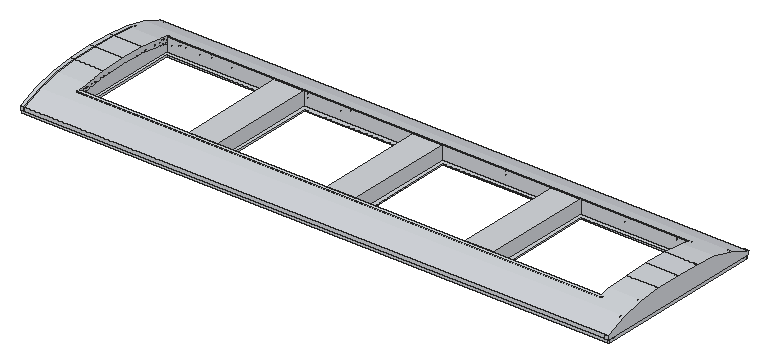
Revit family "Gira_0214738", category Electrical Fixtures, host Face, Revit 2017
Family settings
  Host = Face
  Maintain Annotation Orientation = No
  Round Connector Dimension = Use Diameter
  Part Type = Normal
  Cut with Voids When Loaded = No
  Shared = No
  Room Calculation Point = No
Parameters (values of type "Cov.fr. 4-g interm.fr. AN Gira Event Clear black")
  URL = "http://katalog.gira.de/en/datenblatt.html?artikelnr=0214738"
  Transparent = "No"
  Name = "Cov.fr. 4-g interm.fr. AN Gira Event Clear black"
  Manufacturer URL = "https://www.gira.de/"
  Manufacturer = "Gira"
  Label space/information surface = "No"
  Keynote = ""
  HeinzeBIM = "https://bimportal.heinze.de/bim/cov-fr-4-g-interm-fr-an-gira-event-clear-black/66736d06549e1a638510be78d8e0a557247189fb"
  HAN = "0214738"
  GTIN = "4010337068938"
  Description = "Cov.fr.4g i.fr.AN EvCl BK,Gira Event Clear cover frame,black with anthracite intermediate frame,4-gang,Features:,- Shatter-proof."
  Default Elevation = 1219.2 mm
  Data sheet (1) = "https://katalog.gira.de/en/download.html?artikelnr=0214738"
  Category = "Cover frame for domestic switching devices"
  BIM (1) = "https://media.stage.bim.site/public/gira/36a6b08/Event_Rahmen_4fach.rfa"
  Available = "No"
Reference planes
  plane 1 "Center (Front/Back)": y = 0
  plane 2: z = 0
  plane 3 "Center (Left/Right)": x = 0
Forms (mm)
  Extrusion 1, solid, detail levels fine
    sketch origin (0, 0, 0.05) x (0, 1, 0) y (0, 0, 1)
      loop
        arc (12.445, 9.683) -> (6.223, 9.833) -> (0, 9.85) r 291.636
        arc (0, 9.85) -> (-6.223, 9.833) -> (-12.445, 9.683) r 291.636
        arc (-12.445, 9.683) -> (-29.14, 7.482) -> (-45, 1.823) r 79.728
        line (-45, 1.823) -> (-45, -0.05) -> (-42.086, -0.05)
        arc (-42.086, -0.05) -> (-21.385, 5.559) -> (0, 7.206) r 114.424
        arc (0, 7.206) -> (21.385, 5.559) -> (42.086, -0.05) r 114.424
        line (42.086, -0.05) -> (45, -0.05) -> (45, 1.823)
        arc (45, 1.823) -> (29.14, 7.482) -> (12.445, 9.683) r 79.728
    from -151.95 to 151.935
  Extrusion 2, void, detail levels fine
    sketch origin (0, 0, 0) x (1, 0, 0) y (0, 1, 0)
      loop
        line (134.95, 28.035) -> (-134.95, 28.035) -> (-134.95, -28.035) -> (134.95, -28.035) -> (134.95, 28.035)
    from 0.724 to 11
  Extrusion 3, solid, detail levels coarse
    sketch origin (0, 0, 0) x (1, 0, 0) y (0, 1, 0)
      loop
        line (-151.95, 45) -> (-151.95, -45) -> (151.935, -45) -> (151.935, 45) -> (-151.95, 45)
    from -1.5 to 9.9
  Extrusion 4, solid, detail levels medium
    sketch origin (0, 0, 0.05) x (0, 1, 0) y (0, 0, 1)
      loop
        arc (12.445, 9.683) -> (6.223, 9.833) -> (0, 9.85) r 291.636
        arc (0, 9.85) -> (-6.223, 9.833) -> (-12.445, 9.683) r 291.636
        arc (-12.445, 9.683) -> (-29.14, 7.482) -> (-45, 1.823) r 79.728
        line (-45, 1.823) -> (-45, -0.05) -> (45, -0.05) -> (45, 1.823)
        arc (45, 1.823) -> (29.14, 7.482) -> (12.445, 9.683) r 79.728
    from -151.95 to 151.935
  Extrusion 5, solid, detail levels fine
    sketch origin (-106.95, 0, -1.5) x (0, 1, 0) y (0, 0, -1)
      loop
        line (45, -3.373) -> (45, -1.5) -> (-45, -1.5) -> (-45, -3.373)
        arc (-45, -3.373) -> (-29.14, -9.032) -> (-12.445, -11.233) r 79.728
        arc (-12.445, -11.233) -> (-6.223, -11.383) -> (0, -11.4) r 291.636
        arc (0, -11.4) -> (6.223, -11.383) -> (12.445, -11.233) r 291.636
        arc (12.445, -11.233) -> (29.14, -9.032) -> (45, -3.373) r 79.728
    from 43 to 45
  Extrusion 6, solid, detail levels fine
    sketch origin (0, 0, 0) x (1, 0, 0) y (0, 1, 0)
      loop
        line (-132.85, 25.7) -> (-132.85, -25.7) -> (-81.05, -25.7) -> (-81.05, 25.7) -> (-132.85, 25.7)
      loop
        line (-9.755, -25.7) -> (-9.755, 25.7) -> (-61.555, 25.7) -> (-61.555, -25.7) -> (-9.755, -25.7)
      loop
        line (-135.845, 28.49) -> (-135.845, -28.495)
        spline (-135.845, -28.495) -> (-135.836, -28.625) -> (-135.811, -28.754) -> (-135.769, -28.878) -> (-135.711, -28.995) -> (-135.638, -29.104) -> (-135.552, -29.202) -> (-135.454, -29.288) -> (-135.345, -29.361) -> (-135.228, -29.419) -> (-135.104, -29.461) -> (-134.975, -29.486) -> (-134.845, -29.495)
        line (-134.845, -29.495) -> (134.845, -29.495)
        spline (134.845, -29.495) -> (134.975, -29.486) -> (135.104, -29.461) -> (135.228, -29.419) -> (135.345, -29.361) -> (135.454, -29.288) -> (135.552, -29.202) -> (135.638, -29.104) -> (135.711, -28.995) -> (135.769, -28.878) -> (135.811, -28.754) -> (135.836, -28.625) -> (135.845, -28.495)
        line (135.845, -28.495) -> (135.845, 28.49)
        spline (135.845, 28.49) -> (135.836, 28.62) -> (135.811, 28.748) -> (135.769, 28.872) -> (135.711, 28.99) -> (135.638, 29.098) -> (135.552, 29.197) -> (135.454, 29.283) -> (135.345, 29.356) -> (135.228, 29.413) -> (135.104, 29.456) -> (134.975, 29.481) -> (134.845, 29.49)
        line (134.845, 29.49) -> (-134.845, 29.49)
        spline (-134.845, 29.49) -> (-134.975, 29.481) -> (-135.104, 29.456) -> (-135.228, 29.413) -> (-135.345, 29.356) -> (-135.454, 29.283) -> (-135.552, 29.197) -> (-135.638, 29.098) -> (-135.711, 28.99) -> (-135.769, 28.872) -> (-135.811, 28.748) -> (-135.836, 28.62) -> (-135.845, 28.49)
      loop
        line (61.545, -25.7) -> (61.545, 25.7) -> (9.745, 25.7) -> (9.745, -25.7) -> (61.545, -25.7)
      loop
        line (132.85, -25.7) -> (132.85, 25.7) -> (81.05, 25.7) -> (81.05, -25.7) -> (132.85, -25.7)
    from 0.1 to 7.3
  Extrusion 7, solid
    sketch origin (0, 0, 0) x (1, 0, 0) y (0, 1, 0)
      loop
        arc (-151.65, -44.218) -> (-151.504, -44.572) -> (-151.15, -44.718) r 0.5
        line (-151.15, -44.718) -> (151.15, -44.718)
        arc (151.15, -44.718) -> (151.504, -44.572) -> (151.65, -44.218) r 0.5
        line (151.65, -44.218) -> (151.65, 44.182)
        arc (151.65, 44.182) -> (151.504, 44.535) -> (151.15, 44.682) r 0.5
        line (151.15, 44.682) -> (-151.15, 44.682)
        arc (-151.15, 44.682) -> (-151.504, 44.535) -> (-151.65, 44.182) r 0.5
        line (-151.65, 44.182) -> (-151.65, -44.218)
      loop
        line (-149.95, 42.982) -> (-149.95, -43.018) -> (149.95, -43.018) -> (149.95, 42.982) -> (-149.95, 42.982)
    from -1.5 to 0.5
  Extrusion 8, solid, detail levels fine
    sketch origin (106.935, 0, -1.5) x (0, 1, 0) y (0, 0, 1)
      loop
        arc (45, 3.373) -> (29.14, 9.032) -> (12.445, 11.233) r 79.728
        arc (12.445, 11.233) -> (6.223, 11.383) -> (0, 11.4) r 291.636
        arc (0, 11.4) -> (-6.223, 11.383) -> (-12.445, 11.233) r 291.636
        arc (-12.445, 11.233) -> (-29.14, 9.032) -> (-45, 3.373) r 79.728
        line (-45, 3.373) -> (-45, 1.5) -> (45, 1.5) -> (45, 3.373)
    from 43 to 45
  Extrusion 9, solid, detail levels medium
    sketch origin (0, 0, 0) x (1, 0, 0) y (0, 1, 0)
      loop
        line (-151.65, -44.718) -> (151.65, -44.718) -> (151.65, 44.682) -> (-151.65, 44.682) -> (-151.65, -44.718)
    from -1.5 to 0.5
  Extrusion 10, solid, detail levels fine
    sketch origin (-69.857, 0, 0) x (1, 0, 0) y (0, 1, 0)
      loop
        line (-8.943, 28.063) -> (-8.943, -27.937) -> (6.057, -27.937) -> (6.057, 28.063) -> (-8.943, 28.063)
    from 0.724 to 7.566
  Extrusion 11, solid, detail levels fine
    sketch origin (-1.443, 0, 0) x (-1, 0, 0) y (0, -1, 0)
      loop
        line (-8.943, -28.063) -> (6.057, -28.063) -> (6.057, 27.937) -> (-8.943, 27.937) -> (-8.943, -28.063)
    from 0.724 to 7.566
  Extrusion 12, solid, detail levels fine
    sketch origin (69.857, 0, 0) x (-1, 0, 0) y (0, -1, 0)
      loop
        line (-8.943, -28.063) -> (6.057, -28.063) -> (6.057, 27.937) -> (-8.943, 27.937) -> (-8.943, -28.063)
    from 0.724 to 7.566
Cuts and joins
  Extrusion 2 cuts Extrusion 1
  Extrusion 2 cuts Extrusion 6
Dimensions and locks
  aligned and locked: plane 2 to host face
  aligned and locked: level to host face
